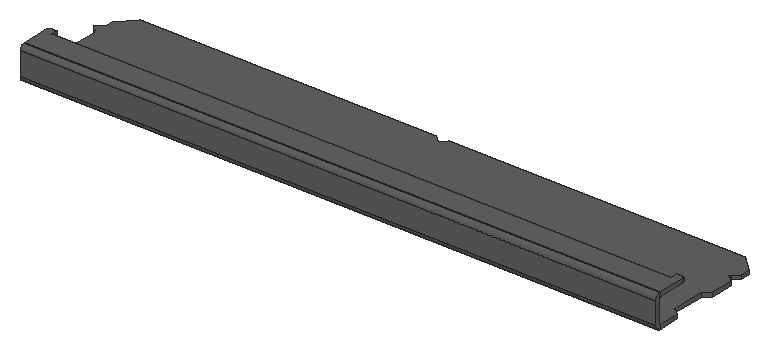
Revit family "Atdec-Wall_Mount_Rail-VWP-", category Generic Models, host Face, Revit 2016
Family settings
  Host = Face
  Part Type = Normal
  Can host rebar = No
  Round Connector Dimension = Use Diameter
  Cut with Voids When Loaded = No
  Shared = No
  Room Calculation Point = No
Parameters (values of type "TH-VWP-050")
  Width = 500 mm
  Weight, Single Unit = "1.8kg (3.9lb)"
  Weight, Master Carton = "7.5kg (16.5lb)"
  Warranty = "10 years"
  VESA mounting hole pattern,mm = "-"
  Universal Width (mm) = "-"
  Universal Height (mm) = "-"
  URL = "www.atdec.com.au"
  UPC Code = "881493009486"
  Tilt Adjustment = "-"
  Single units per master pack = "4"
  Security feature = "-"
  Range of Motion = "-"
  Product Information link = "https://www.atdec.com.au/th-vwp-050"
  Product Family = "Wall Mount Rail"  # constant formula
  Single Unit Dimensions = "593mm (23.3\") Lenght, 136mm (5.4\") Width, 52mm (2\") Height"
  Pan Adjustment = "-"
  Model = "TH-VWP-050"
  Minimum distance from wall (mm) = "-"
  Maximum distance from wall (mm) = "-"
  Material = "Steel"
  Master Carton Dimensions = "609mm (24\") Lenght, 152mm (6\") Width, 225mm (8.8\") Height"
  Manufacturer = "Atdec"  # constant formula
  Flat screen maximum supported weight = "165kg (363lb)"
  Email Address = "support@atdec.com"
  Description = "Video wall 0.5m (19.6\") mounting rail"
  Default Elevation = 1219.2 mm
  Colour Options = "Black"
  Bracket Finish [instance] = ATD-Powdercoat Black
  Assembly Code = "E1010800"
Types (5, lengths in mm): name | Width | Weight, Single Unit | Weight, Master Carton | UPC Code | Single units per master pack | Product Information link | Single Unit Dimensions | Model | Master Carton Dimensions | Description
  (no name) | 500 | "1.8kg (3.9lb)" | "7.5kg (16.5lb)" | "881493009486" | "4" | "https://www.atdec.com.au/th-vwp-050" | "593mm (23.3\") Lenght, 136mm (5.4\") Width, 52mm (2\") Height" | "TH-VWP-050" | "609mm (24\") Lenght, 152mm (6\") Width, 225mm (8.8\") Height" | "Video wall 0.5m (19.6\") mounting rail"
  TH-VWP-050 | 500 | "1.8kg (3.9lb)" | "7.5kg (16.5lb)" | "881493009486" | "4" | "https://www.atdec.com.au/th-vwp-050" | "593mm (23.3\") Lenght, 136mm (5.4\") Width, 52mm (2\") Height" | "TH-VWP-050" | "609mm (24\") Lenght, 152mm (6\") Width, 225mm (8.8\") Height" | "Video wall 0.5m (19.6\") mounting rail"
  TH-VWP-080 | 800 | "3kg (6.6lb)" | "6.4kg (14.1lb)" | "881493009509" | "2" | "https://www.atdec.com.au/th-vwp-080" | "893mm (35.2\") Lenght, 136mm (5.4\") Width, 52mm (2\") Height" | "TH-VWP-080" | "909mm (35.8\") Lenght, 152mm (6\") Width, 127mm (5\") Height" | "Video wall 0.8m (31.4\") mounting rail"
  TH-VWP-100 | 1000 | "3.5kg (7.7lb)" | "8kg (17.6lb)" | "881493008045" | "2" | "https://www.atdec.com.au/th-vwp-100" | "1078mm (42.9\") Lenght, 118mm (5.9\") Width, 55mm (3\") Height" | "TH-VWP-100" | "110mm (43.7\") Lenght, 14.5mm (6.7\") Width, 15mm (6.7\") Height" | "Video wall 1m (39.3\") mounting rail"
  TH-VWP-160 | 1600 | "6kg (13.2lb)" | "12.5kg (27.5lb)" | "881493008120" | "2" | "https://www.atdec.com.au/th-vwp-160" | "1673mm (66.5\") Lenght, 118mm (5.9\") Width, 55mm (3\") Height" | "TH-VWP-160" | "1687mm (67.3\") Lenght, 133mm (6.7\") Width, 142mm (6.7\") Height" | "Video wall 1.6m (62.9\") mounting rail"
Reference planes
  plane 1 "Center (Front/Back)": y = 0
  plane 2: z = 0
  plane 3 "Center (Left/Right)": x = 0
  plane 4: x = -250
  plane 5: x = 250
Forms (mm)
  Extrusion 1, solid, material "ATD-Powdercoat Black" <- "Bracket Finish"
    sketch origin (0, 0, 0) x (1, 0, 0) y (0, 1, 0)
      loop
        line (-250, -25.5) -> (-250, -47.5) -> (250, -47.5) -> (250, -25.5)
        arc (250, -25.5) -> (249.414, -24.086) -> (248, -23.5) r 2
        line (248, -23.5) -> (244, -23.5) -> (244, -28.5) -> (-244, -28.5) -> (-244, -23.5) -> (-247.905, -23.5)
        arc (-247.905, -23.5) -> (-249.38, -24.052) -> (-250, -25.5) r 2.002
    from 23 to 26
  Extrusion 2, solid, material "ATD-Powdercoat Black" <- "Bracket Finish"
    sketch origin (0, 0, 0) x (0, 1, 0) y (0, 0, 1)
      loop
        line (-51.5, 22) -> (-51.5, 4)
        arc (-51.5, 4) -> (-50.328, 1.172) -> (-47.5, 0) r 4
        line (-47.5, 0) -> (-47.5, 3)
        arc (-47.5, 3) -> (-48.207, 3.293) -> (-48.5, 4) r 1
        line (-48.5, 4) -> (-48.5, 22)
        arc (-48.5, 22) -> (-48.207, 22.707) -> (-47.5, 23) r 1
        line (-47.5, 23) -> (-47.5, 26)
        arc (-47.5, 26) -> (-50.328, 24.828) -> (-51.5, 22) r 4
    from -250 to 250
  Extrusion 3, solid, material "ATD-Powdercoat Black" <- "Bracket Finish"
    sketch origin (0, 0, 0) x (1, 0, 0) y (0, 1, 0)
      loop
        line (-5, 51) -> (-238, 51) -> (-250, 39) -> (-250, 32.5) -> (-254.793, 27.707)
        arc (-254.793, 27.707) -> (-255.086, 27) -> (-254.793, 26.293) r 1
        line (-254.793, 26.293) -> (-250, 21.5) -> (-250, 4.5) -> (-255.5, -1) -> (-255.5, -26) -> (-250, -31.5) -> (-250, -48) -> (250, -48) -> (250, -31.5) -> (244.5, -26) -> (244.5, -1) -> (250, 4.5) -> (250, 21.5) -> (245.207, 26.293)
        arc (245.207, 26.293) -> (244.914, 27) -> (245.207, 27.707) r 1
        line (245.207, 27.707) -> (250, 32.5) -> (250, 39) -> (238, 51) -> (5, 51) -> (0, 46) -> (-5, 51)
    from 0 to 3.175
Dimensions and locks
  equal spacing: plane 4, plane 3 "Center (Left/Right)", plane 5
  "Width": plane 4 to plane 5
  locked: plane 4 to Extrusion 1 sketch curve at 6
  locked: Extrusion 1 sketch curve to plane 5 at 6
  locked: Extrusion 1 sketch curve to plane 1 "Center (Front/Back)" at 23.5  (x2)
  locked: Extrusion 1 sketch curve to plane 1 "Center (Front/Back)" at 28.5
  plane 1 "Center (Front/Back)" to Extrusion 1 to Extrusion 2 sketch curve to Extrusion 2 sketch curve = 47.5 mm locked, 1 mm locked, 3 mm locked
  Extrusion 3 sketch curve to Extrusion 3 sketch curve to plane 4 = 1.414 mm locked, 4.086 mm locked
  Extrusion 3 sketch curve to Extrusion 3 sketch curve to plane 5 = 1.414 mm locked, 4.086 mm locked
  Extrusion 3 sketch curve to plane 1 "Center (Front/Back)" to Extrusion 3 sketch curve = 51 mm locked, 48 mm locked
  Extrusion 3 sketch curve to plane 3 "Center (Left/Right)" to Extrusion 3 sketch curve = 5 mm locked, 5 mm locked
  aligned and locked: plane 2 to host face
  aligned and locked: level to host face
  aligned and locked: plane 4 to Extrusion 1 sketch curve
  aligned and locked: Extrusion 1 sketch curve to plane 5
  aligned and locked: Extrusion 2 to plane 5
  aligned and locked: plane 4 to Extrusion 2
  aligned and locked: plane 4 to Extrusion 3 sketch curve  (x2)
  aligned and locked: Extrusion 3 sketch curve to plane 5  (x2)
  aligned and locked: Extrusion 3 sketch curve to Extrusion 3 sketch curve
  aligned and locked: plane 3 "Center (Left/Right)" to Extrusion 3 sketch curve
Automatic sketch dimensions
  host sketch curve to host sketch curve = 667.117 mm
  host sketch curve to host sketch curve = 415.192 mm
  Extrusion 1 sketch curve to Extrusion 1 sketch curve = 2.002 mm
  Extrusion 1 sketch curve to Extrusion 1 sketch curve = 0.093 mm
  plane 5 to Extrusion 1 sketch curve = 2 mm
  Extrusion 1 sketch curve to Extrusion 1 sketch curve = 19 mm
  Extrusion 2 sketch curve to Extrusion 2 sketch curve = 0 mm  (x2)
  Extrusion 2 sketch curve to level = 0 mm
  level to Extrusion 2 sketch curve = 22 mm
  Extrusion 2 sketch curve to Extrusion 2 sketch curve = 1 mm  (x2)
  Extrusion 3 sketch curve to plane 4 = 0 mm
  Extrusion 3 sketch curve to plane 5 = 0 mm
  Extrusion 3 sketch curve to Extrusion 3 sketch curve = 0.707 mm  (x5)
  Extrusion 3 sketch curve to plane 4 = 12 mm
  plane 5 to Extrusion 3 sketch curve = 12 mm
  Extrusion 3 sketch curve to Extrusion 3 sketch curve = 0 mm
  Extrusion 3 sketch curve to Extrusion 3 sketch curve = 16.5 mm  (x2)
  Extrusion 3 sketch curve to Extrusion 3 sketch curve = 5.5 mm  (x2)
  plane 1 "Center (Front/Back)" to Extrusion 3 sketch curve = 1 mm  (x2)
  Extrusion 3 sketch curve to plane 1 "Center (Front/Back)" = 4.5 mm  (x2)
  Extrusion 3 sketch curve to Extrusion 3 sketch curve = 17 mm
  Extrusion 3 sketch curve to Extrusion 3 sketch curve = 4.793 mm  (x4)
  Extrusion 3 sketch curve to Extrusion 3 sketch curve = 6.5 mm  (x2)
  Extrusion 3 sketch curve to Extrusion 3 sketch curve = 12 mm
